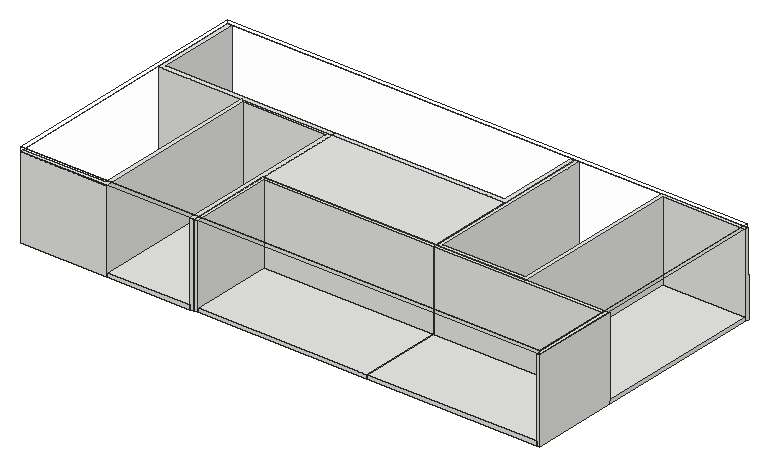
Revit family "Table-Coffee-Teknion-STLH_Masalla-R2013", category Furniture, Revit 2013
Parameters (values of type "8 Box Rectangle")
  Width = 66.92913"
  Warranty = "http://www.teknionstudio.com/pdfs/Teknion%20Studio%20Warranty.pdf"
  Unit Weight = 0.00 lbf
  URL = "www.teknionstudio.com"
  Table Top Finish [instance] = Glass - Teknion - A5 - Standard - Clear
  Surface D Finish [instance] = Paint - Teknion - True White
  Surface C Finish [instance] = Paint - Teknion - True White
  Surface B Finish [instance] = Paint - Teknion - True White
  Surface A Finish [instance] = Paint - Teknion - True White
  Series = "Studio"
  Product Line = "Masalla"
  Product Documentation Link = "http://www.teknionstudio.com/pricing/STLH_ppg.pdf"
  Part Number = "STLH"
  Model = "STLH"
  Manufacturer Phone = "919-464-2920"
  Manufacturer Fax = "919-464-2927"
  Manufacturer Email = "customersupport@teknionstudio.com"
  Manufacturer Address = "3941 US 70 Business HWY West, Clayton, NC 27520"
  Manufacturer = "Teknion Studio"
  Low Emitting Material = yes
  Low Emitting Finish = yes
  Height = 12.59843"
  Description = "Masalla Table, 8 Box Rectangle"
  Depth = 33.46457"
  Assembly Code = "E2020200"
Reference planes (in)
  plane 1 "Center F/B": y = 0
  plane 2: z = 0
  plane 3 "Center L/R": x = 0
  plane 4 "Left": x = -33.46457
  plane 5 "Right": x = 33.46457
  plane 6 "Back": y = 16.73228
  plane 7 "Front": y = -16.73228
  plane 8 "Top": z = 12.59843
  plane 9: z = 1.5748
  plane 10: z = 12.12598
Forms (in)
  Sweep 1, solid, material "Paint - Teknion - Smoke"
    path origin (0, 0, 0) x (1, 0, 0) y (0, 0, 1)
      loop
        line (0, 0) -> (0, 1.5748)
    profile origin (0, 0, 0.7874) x (-1, 0, 0) y (0, -1, 0)
      loop
        line (31.10236, -14.37008) -> (31.10236, 14.37008) -> (-31.10236, 14.37008) -> (-31.10236, -14.37008) -> (31.10236, -14.37008)
      loop
        line (-30.62992, -13.89764) -> (30.62992, -13.89764) -> (30.62992, 13.89764) -> (-30.62992, 13.89764) -> (-30.62992, -13.89764)
  Sweep 2, solid, material "Paint - Teknion - Smoke"
    path origin (0, 0, 0) x (1, 0, 0) y (0, 0, 1)
      loop
        line (0, 1.5748) -> (0, 1.10236)
    profile origin (0, 0, 1.33858) x (0, -1, 0) y (1, 0, 0)
      loop
        line (-13.89764, -30.62992) -> (13.89764, -30.62992) -> (13.89764, 30.62992) -> (-13.89764, 30.62992) -> (-13.89764, -30.62992)
  Sweep 3, solid, material "Glass - Teknion - A5 - Standard - Clear" <- "Table Top Finish"
    path origin (0, 0, 0) x (1, 0, 0) y (0, 0, 1)
      loop
        line (0, 12.59843) -> (0, 12.12598)
    profile origin (0, 0, 12.3622) x (0, -1, 0) y (1, 0, 0)
      loop
        line (-16.73228, -33.46457) -> (16.73228, -33.46457) -> (16.73228, 33.46457) -> (-16.73228, 33.46457) -> (-16.73228, -33.46457)
  Sweep 4, solid, material "Paint - Teknion - True White" <- "Surface D Finish"
    path origin (0, 0, 0) x (1, 0, 0) y (0, 0, 1)
      loop
        line (0, 1.5748) -> (0, 2.04724)
    profile origin (0, 0, 1.81102) x (-1, 0, 0) y (0, -1, 0)
      loop
        line (-11.6273, -16.73228) -> (-11.6273, 5.10499) -> (-22.30971, 5.10499) -> (-22.30971, -16.73228) -> (-11.6273, -16.73228)
      loop
        line (-22.78215, -16.25984) -> (-22.78215, 5.57743) -> (-33.46457, 5.57743) -> (-33.46457, -16.25984) -> (-22.78215, -16.25984)
  Sweep 5, solid, material "Paint - Teknion - True White" <- "Surface B Finish"
    path origin (0, 0, 0) x (1, 0, 0) y (0, 0, 1)
      loop
        line (0, 12.12598) -> (0, 1.5748)
    profile origin (0, 0, 6.85039) x (0, -1, 0) y (1, 0, 0)
      loop
        line (-5.57743, -22.78215) -> (16.25984, -22.78215) -> (16.25984, -33.46457) -> (16.73228, -33.46457) -> (16.73228, -22.30971) -> (-5.10499, -22.30971) -> (-5.10499, -11.6273) -> (16.73228, -11.6273) -> (16.73228, -11.15486) -> (-5.57743, -11.15486) -> (-5.57743, -22.78215)
  Sweep 6, solid, material "Paint - Teknion - True White" <- "Surface A Finish"
    path origin (0, 0, 0) x (1, 0, 0) y (0, 0, 1)
      loop
        line (0, 12.12598) -> (0, 1.5748)
    profile origin (0, 0, 6.85039) x (0, -1, 0) y (1, 0, 0)
      loop
        line (-5.57743, 11.15486) -> (-16.73228, 11.15486) -> (-16.73228, 10.68241) -> (-6.04987, 10.68241) -> (-6.04987, -11.15486) -> (-5.57743, -11.15486) -> (-5.57743, 11.15486)
  Sweep 7, solid, material "Paint - Teknion - True White" <- "Surface C Finish"
    path origin (0, 0, 0) x (-1, 0, 0) y (0, 0, 1)
      loop
        line (0, 1.5748) -> (0, 2.04724)
    profile origin (0, 0, 1.81102) x (-1, 0, 0) y (0, -1, 0)
      loop
        line (-32.99257, 16.73228) -> (-32.99257, 6.04987) -> (-11.15486, 6.04987) -> (-11.15486, 16.73228) -> (-32.99257, 16.73228)
  Sweep 8, solid, material "Paint - Teknion - True White" <- "Surface A Finish"
    path origin (0, 0, 0) x (-1, 0, 0) y (0, 0, 1)
      loop
        line (0, 11.65354) -> (0, 12.12598)
    profile origin (0, 0, 11.88976) x (1, 0, 0) y (0, 1, 0)
      loop
        line (11.15486, -5.57743) -> (11.15486, 5.57743) -> (-11.15486, 5.57743) -> (-11.15486, -5.57743) -> (11.15486, -5.57743)
  Sweep 9, solid, material "Paint - Teknion - True White" <- "Surface B Finish"
    path origin (0, 0, 0) x (1, 0, 0) y (0, 0, -1)
      loop
        line (0, -1.5748) -> (0, -2.04724)
    profile origin (0, 0, 1.81102) x (1, 0, 0) y (0, 1, 0)
      loop
        line (-33.46457, 5.57743) -> (-33.46457, -16.25984) -> (-22.78215, -16.25984) -> (-22.78215, 5.57743) -> (-33.46457, 5.57743)
      loop
        line (-22.30971, 5.10499) -> (-22.30971, -16.73228) -> (-11.6273, -16.73228) -> (-11.6273, 5.10499) -> (-22.30971, 5.10499)
  Sweep 10, solid, material "Paint - Teknion - True White" <- "Surface D Finish"
    path origin (22.30971, 0, 0) x (1, 0, 0) y (0, 0, 1)
      loop
        line (0, 12.12598) -> (0, 1.5748)
    profile origin (22.30971, 0, 6.85039) x (0, -1, 0) y (1, 0, 0)
      loop
        line (-16.25984, 0.47244) -> (-16.25984, 11.15486) -> (-16.73228, 11.15486) -> (-16.73228, 0) -> (5.10499, 0) -> (5.10499, -10.68241) -> (-16.73228, -10.68241) -> (-16.73228, -11.15486) -> (5.57743, -11.15486) -> (5.57743, 0.47244) -> (-16.25984, 0.47244)
  Sweep 11, solid, material "Paint - Teknion - True White" <- "Surface C Finish"
    path origin (0, -11.15486, 0) x (1, 0, 0) y (0, 0, 1)
      loop
        line (0, 1.5748) -> (0, 12.12598)
    profile origin (0, -11.15486, 6.85039) x (-1, 0, 0) y (0, -1, 0)
      loop
        line (-11.15486, -5.57743) -> (-11.15486, -5.10499) -> (-32.99257, -5.10499) -> (-32.99257, 5.57743) -> (-33.46457, 5.57743) -> (-33.46457, -5.57743) -> (-11.15486, -5.57743)
  Sweep 12, solid, material "Paint - Teknion - True White" <- "Surface C Finish"
    path origin (26.5, 0, 0) x (1, 0, 0) y (0, 0, 1)
      loop
        line (-26.5, 12.12598) -> (-26.5, 1.5748)
    profile origin (0, 0, 6.85039) x (0, -1, 0) y (1, 0, 0)
      loop
        line (6.04987, 11.15486) -> (5.57743, 11.15486) -> (5.57743, -11.15486) -> (16.73228, -11.15486) -> (16.73228, -10.68241) -> (6.04987, -10.68241) -> (6.04987, 11.15486)
  Sweep 13, solid, material "Paint - Teknion - True White" <- "Surface A Finish"
    path origin (0, 0, 0) x (1, 0, 0) y (0, 0, 1)
      loop
        line (0, 12.12598) -> (0, 1.5748)
    profile origin (0, 0, 6.85039) x (0, -1, 0) y (1, 0, 0)
      loop
        line (-5.57743, -11.15486) -> (-6.04987, -11.15486) -> (-6.04987, -32.99213) -> (-16.73228, -32.99213) -> (-16.73228, -33.46457) -> (-5.57743, -33.46457) -> (-5.57743, -11.15486)
  Sweep 14, solid, material "Paint - Teknion - True White" <- "Surface C Finish"
    path origin (0, 0, 0) x (1, 0, 0) y (0, 0, 1)
      loop
        line (0, 1.5748) -> (0, 2.04724)
    profile origin (0, 0, 1.81102) x (-1, 0, 0) y (0, -1, 0)
      loop
        line (10.68241, 6.04987) -> (10.68241, 16.73228) -> (-11.15486, 16.73228) -> (-11.15486, 6.04987) -> (10.68241, 6.04987)
  Sweep 15, solid, material "Paint - Teknion - True White" <- "Surface A Finish"
    path origin (0, 0, 0) x (1, 0, 0) y (0, 0, 1)
      loop
        line (0, 1.5748) -> (0, 2.04724)
    profile origin (0, 0, 1.81102) x (-1, 0, 0) y (0, -1, 0)
      loop
        line (-10.68241, -16.73228) -> (11.15486, -16.73228) -> (11.15486, -6.04987) -> (-10.68241, -6.04987) -> (-10.68241, -16.73228)
  Sweep 16, solid, material "Paint - Teknion - True White" <- "Surface A Finish"
    path origin (0, 0, 0) x (1, 0, 0) y (0, 0, 1)
      loop
        line (0, 2.04724) -> (0, 1.5748)
    profile origin (0, 0, 1.81102) x (0, -1, 0) y (1, 0, 0)
      loop
        line (-16.73228, -32.99213) -> (-6.04987, -32.99213) -> (-6.04987, -11.15486) -> (-16.73228, -11.15486) -> (-16.73228, -32.99213)
Lines and regions (in)
  Masking region 1
    outline origin (0, 0, 12.59843) x (-1, 0, 0) y (0, -1, 0)
      loop
        line (33.46457, -16.73228) -> (33.46457, 16.73228) -> (-33.46457, 16.73228) -> (-33.46457, -16.73228) -> (33.46457, -16.73228)
  symbolic lines, style "Hidden Lines", detail levels medium+fine
    curve 1: line (-33.46457, 5.57743, 12.59843) -> (11.15486, 5.57743, 12.59843)
    curve 2: line (-22.30971, 5.57743, 12.59843) -> (-22.30971, -16.73228, 12.59843)
    curve 3: line (-11.15486, 5.57743, 12.59843) -> (-11.15486, -16.73228, 12.59843)
    curve 4: line (-11.15486, -5.57743, 12.59843) -> (33.46457, -5.57743, 12.59843)
    curve 5: line (22.30971, 16.73228, 12.59843) -> (22.30971, -5.57743, 12.59843)
    curve 6: line (11.15486, 16.73228, 12.59843) -> (11.15486, -5.57743, 12.59843)
  symbolic lines, style "Hidden Lines", detail levels fine
    curve 7: line (-32.99213, 16.73228, 12.59843) -> (-32.99213, 5.57743, 12.59843)
    curve 8: line (10.68241, 16.73228, 12.59843) -> (10.68241, 5.57743, 12.59843)
    curve 9: line (-32.99213, 6.04987, 12.59843) -> (10.68241, 6.04987, 12.59843)
    curve 10: line (-33.46457, -16.25984, 12.59843) -> (-22.30971, -16.25984, 12.59843)
    curve 11: line (-22.78215, 5.57743, 12.59843) -> (-22.78215, -16.25984, 12.59843)
    curve 12: line (-22.30971, 5.10499, 12.59843) -> (-11.15486, 5.10499, 12.59843)
    curve 13: line (-11.6273, 5.10499, 12.59843) -> (-11.6273, -16.73228, 12.59843)
    curve 14: line (-10.68241, -5.57743, 12.59843) -> (-10.68241, -16.73228, 12.59843)
    curve 15: line (-10.68241, -6.04987, 12.59843) -> (32.99257, -6.04987, 12.59843)
    curve 16: line (32.99257, -5.57743, 12.59843) -> (32.99257, -16.73228, 12.59843)
    curve 17: line (11.15486, -5.57743, 12.59843) -> (11.15486, -6.04987, 12.59843)
    curve 18: line (22.30971, 16.25984, 12.59843) -> (33.46457, 16.25984, 12.59843)
    curve 19: line (22.78215, 16.25984, 12.59843) -> (22.78215, -5.57743, 12.59843)
    curve 20: line (22.30971, -5.10499, 12.59843) -> (11.15486, -5.10499, 12.59843)
    curve 21: line (11.6273, 16.73228, 12.59843) -> (11.6273, -5.10499, 12.59843)
Dimensions and locks (in)
  "Height": plane 8 "Top" to plane 2
  equal spacing: plane 4 "Left", plane 3 "Center L/R", plane 5 "Right"
  equal spacing: plane 6 "Back", plane 1 "Center F/B", plane 7 "Front"
  "Width": plane 4 "Left" to plane 5 "Right"
  "Depth": plane 6 "Back" to plane 7 "Front"
  Sweep 1 sketch curve to Sweep 1 sketch curve to plane 1 "Center F/B" to Sweep 1 sketch curve to Sweep 1 sketch curve = 0.47244" locked, 13.89764" locked, 13.89764" locked, 0.47244" locked
  Sweep 1 sketch curve to Sweep 1 sketch curve to plane 3 "Center L/R" to Sweep 1 sketch curve to Sweep 1 sketch curve = 0.47244", 30.62992" locked, 30.62992" locked, 0.47244" locked
  Sweep 2 sketch curve to plane 3 "Center L/R" to Sweep 2 sketch curve = 30.62992" locked, 30.62992" locked
  Sweep 2 sketch curve to plane 1 "Center F/B" to Sweep 2 sketch curve = 13.89764" locked, 13.89764" locked
  locked: plane 8 "Top" to Sweep 3 sketch curve at 0.47244
  locked: plane 8 "Top" to plane 10 at 0.47244
  locked: plane 9 to plane 2 at 1.5748
  locked: plane 9 to Sweep 2 sketch curve at 0.47244
  locked: Sweep 4 sketch curve to plane 9 at 0.47244
  locked: Sweep 4 sketch curve to plane 1 "Center F/B" at 5.10499
  locked: Sweep 7 sketch curve to plane 9 at 0.47244
  locked: Sweep 9 sketch curve to plane 9 at 0.47244
  locked: plane 4 "Left" to Sweep 5 sketch curve at 22.30971
  locked: Sweep 5 sketch curve to Sweep 5 sketch curve at 0.47244
  locked: Sweep 6 sketch curve to plane 3 "Center L/R" at 11.15486
  plane 3 "Center L/R" to Sweep 6 sketch curve to Sweep 6 sketch curve = 10.68241" locked, 0.47244" locked
  locked: plane 1 "Center F/B" to Sweep 6 sketch curve at 6.04987
  Sweep 8 sketch curve to plane 1 "Center F/B" to Sweep 8 sketch curve = 5.57743" locked, 5.57743" locked
  locked: plane 4 "Left" to Sweep 9 sketch curve at 21.83727
  locked: plane 1 "Center F/B" to Sweep 9 sketch curve at 5.10499
  locked: Sweep 7 sketch curve to plane 5 "Right" at 22.30971
  locked: Sweep 6 sketch curve to Sweep 6 sketch curve at 0.47244
  locked: Sweep 4 sketch curve to plane 5 "Right" at 10.68241
  locked: plane 6 "Back" to Sweep 4 sketch curve at 22.30971
  plane 7 "Front" to Sweep 11 sketch curve to Sweep 11 sketch curve = 10.68241" locked, 0.47244" locked
  locked: plane 7 "Front" to Sweep 7 sketch curve at 10.68241
  plane 7 "Front" to Sweep 12 sketch curve to Sweep 12 sketch curve = 10.68241" locked, 0.47244" locked
  locked: plane 1 "Center F/B" to Sweep 9 sketch curve at 5.57743
  Sweep 8 sketch curve to plane 3 "Center L/R" to Sweep 8 sketch curve = 11.15486" locked, 11.15486" locked
  locked: Sweep 14 sketch curve to plane 9 at 0.47244
  locked: plane 7 "Front" to Sweep 14 sketch curve at 10.68241
  Sweep 14 sketch curve to plane 3 "Center L/R" to Sweep 14 sketch curve = 10.68241" locked, 11.15486" locked
  locked: Sweep 11 sketch curve to plane 5 "Right" at 0.472
  locked: Sweep 11 sketch curve to plane 5 "Right" at 22.30971
  Sweep 10 sketch curve to Sweep 10 sketch curve to plane 1 "Center F/B" = 0.47244" locked, 5.10499" locked
  plane 3 "Center L/R" to Sweep 10 sketch curve to Sweep 10 sketch curve to Sweep 10 sketch curve to Sweep 10 sketch curve = 11.15486" locked, 0.47244" locked, 10.68241" locked, 0.47244" locked
  locked: plane 6 "Back" to Sweep 10 sketch curve at 0.47244
  locked: Sweep 7 sketch curve to plane 5 "Right" at 0.472
  Sweep 12 sketch curve to Sweep 12 sketch curve to plane 3 "Center L/R" = 0.47244" locked, 10.68241" locked
  locked: plane 3 "Center L/R" to Sweep 12 sketch curve at 11.15486
  locked: plane 10 to Sweep 8 sketch curve at 0.47244
  locked: plane 4 "Left" to Sweep 13 sketch curve at 0.47244
  plane 6 "Back" to Sweep 13 sketch curve to Sweep 13 sketch curve = 10.68241" locked, 0.47244" locked
  locked: plane 4 "Left" to Sweep 13 sketch curve at 22.30971
  plane 1 "Center F/B" to Sweep 5 sketch curve to Sweep 5 sketch curve = 5.10499" locked, 0.47244" locked
  locked: plane 7 "Front" to Sweep 5 sketch curve at 0.47244
  plane 4 "Left" to Sweep 5 sketch curve to Sweep 5 sketch curve = 10.68241" locked, 0.47244" locked
  locked: Sweep 4 sketch curve to Sweep 4 sketch curve at 10.68241
  locked: Sweep 4 sketch curve to Sweep 4 sketch curve at 0.47244
  locked: plane 6 "Back" to Sweep 4 sketch curve at 0.47244
  plane 4 "Left" to Sweep 9 sketch curve to Sweep 9 sketch curve = 10.68241" locked, 0.47244" locked
  locked: plane 7 "Front" to Sweep 9 sketch curve at 0.47244
  locked: Sweep 15 sketch curve to plane 9 at 0.47244
  Sweep 15 sketch curve to plane 3 "Center L/R" to Sweep 15 sketch curve = 11.15486" locked, 10.68241" locked
  locked: plane 6 "Back" to Sweep 15 sketch curve at 10.68241
  locked: Sweep 16 sketch curve to plane 9 at 0.47244
  locked: plane 4 "Left" to Sweep 16 sketch curve at 0.47244
  locked: plane 6 "Back" to Sweep 16 sketch curve at 10.68241
  locked: plane 4 "Left" to Sweep 16 sketch curve at 22.30971
  locked: plane 6 "Back" to curve 1 at 11.15486
  locked: plane 4 "Left" to curve 2 at 11.15486
  locked: plane 4 "Left" to curve 3 at 22.30971
  locked: plane 7 "Front" to curve 4 at 11.15486
  locked: plane 3 "Center L/R" to curve 6 at 11.15486
  locked: plane 4 "Left" to curve 7 at 0.47244
  locked: plane 3 "Center L/R" to curve 8 at 10.68241
  locked: plane 6 "Back" to curve 9 at 10.68241
  locked: plane 7 "Front" to curve 10 at 0.47244
  locked: plane 4 "Left" to curve 11 at 10.68241
  locked: plane 1 "Center F/B" to curve 12 at 5.10499
  locked: plane 4 "Left" to curve 13 at 21.83727
  locked: curve 14 to plane 3 "Center L/R" at 10.68241
  locked: plane 7 "Front" to curve 15 at 10.68241
  locked: curve 16 to plane 5 "Right" at 0.472
  locked: plane 3 "Center L/R" to Sweep 12 at 11.15486
  locked: plane 6 "Back" to curve 18 at 0.47244
  locked: curve 19 to plane 5 "Right" at 10.68241
  locked: plane 7 "Front" to curve 20 at 11.6273
  locked: plane 3 "Center L/R" to curve 21 at 11.6273
  aligned and locked: level to plane 2
  aligned and locked: plane 3 "Center L/R" to Sweep 1 sketch curve
  aligned and locked: plane 2 to Sweep 1 sketch curve
  aligned and locked: Sweep 2 sketch curve to plane 3 "Center L/R"
  aligned and locked: Sweep 3 sketch curve to plane 3 "Center L/R"
  aligned and locked: plane 8 "Top" to Sweep 3 sketch curve
  aligned and locked: Sweep 3 sketch curve to plane 6 "Back"
  aligned and locked: plane 4 "Left" to Sweep 3 sketch curve
  aligned and locked: Sweep 3 sketch curve to plane 7 "Front"
  aligned and locked: Sweep 3 sketch curve to plane 5 "Right"
  aligned and locked: plane 9 to Sweep 1 sketch curve
  aligned and locked: plane 9 to Sweep 2 sketch curve
  aligned and locked: plane 9 to Sweep 4 sketch curve
  aligned and locked: plane 3 "Center L/R" to Sweep 4 sketch curve
  aligned and locked: Sweep 4 sketch curve to plane 6 "Back"
  aligned and locked: plane 10 to Sweep 5 sketch curve
  aligned and locked: Sweep 5 sketch curve to plane 3 "Center L/R"
  aligned and locked: plane 9 to Sweep 5 sketch curve
  aligned and locked: plane 10 to Sweep 6 sketch curve
  aligned and locked: plane 9 to Sweep 6 sketch curve
  aligned and locked: Sweep 6 sketch curve to plane 3 "Center L/R"
  aligned and locked: plane 9 to Sweep 7 sketch curve
  aligned and locked: plane 9 to Sweep 9 sketch curve
  aligned and locked: Masking region 1 sketch curve to plane 6 "Back"
  aligned and locked: Masking region 1 sketch curve to plane 5 "Right"
  aligned and locked: Masking region 1 sketch curve to plane 7 "Front"
  aligned and locked: plane 4 "Left" to Masking region 1 sketch curve
  aligned and locked: plane 6 "Back" to Sweep 6 sketch curve
  aligned and locked: Sweep 9 sketch curve to plane 7 "Front"
  aligned and locked: Sweep 10 sketch curve to plane 5 "Right"
  aligned and locked: Sweep 4 sketch curve to plane 5 "Right"
  aligned and locked: plane 10 to Sweep 11 sketch curve
  aligned and locked: plane 9 to Sweep 11 sketch curve
  aligned and locked: Sweep 11 sketch curve to plane 5 "Right"
  aligned and locked: plane 7 "Front" to Sweep 7 sketch curve
  aligned and locked: plane 10 to Sweep 12 sketch curve
  aligned and locked: plane 9 to Sweep 12 sketch curve
  aligned and locked: Sweep 12 sketch curve to plane 3 "Center L/R"
  aligned and locked: plane 7 "Front" to Sweep 12 sketch curve
  aligned and locked: Sweep 5 sketch curve to plane 7 "Front"  (x2)
  aligned and locked: plane 10 to Sweep 13 sketch curve
  aligned and locked: plane 9 to Sweep 13 sketch curve
  aligned and locked: Sweep 13 sketch curve to plane 3 "Center L/R"
  aligned and locked: Sweep 13 sketch curve to plane 6 "Back"
  aligned and locked: plane 9 to Sweep 14 sketch curve
  aligned and locked: plane 3 "Center L/R" to Sweep 14 sketch curve
  aligned and locked: Sweep 14 sketch curve to plane 7 "Front"
  aligned and locked: Sweep 11 sketch curve to plane 7 "Front"
  aligned and locked: plane 6 "Back" to Sweep 10 sketch curve
  aligned and locked: plane 10 to Sweep 8 sketch curve
  aligned and locked: Sweep 13 sketch curve to plane 4 "Left"
  aligned and locked: plane 4 "Left" to Sweep 9 sketch curve
  aligned and locked: plane 9 to Sweep 15 sketch curve
  aligned and locked: plane 3 "Center L/R" to Sweep 15 sketch curve
  aligned and locked: plane 6 "Back" to Sweep 15 sketch curve
  aligned and locked: plane 9 to Sweep 16 sketch curve
  aligned and locked: Sweep 16 sketch curve to plane 3 "Center L/R"
  aligned and locked: Sweep 16 sketch curve to plane 6 "Back"
  aligned and locked: plane 4 "Left" to curve 1
  aligned and locked: plane 7 "Front" to curve 2
  aligned and locked: plane 7 "Front" to curve 3
  aligned and locked: plane 5 "Right" to curve 4
  aligned and locked: curve 3 to curve 4
  aligned and locked: plane 6 "Back" to curve 5
  aligned and locked: plane 6 "Back" to curve 6
  aligned and locked: plane 6 "Back" to curve 7
  aligned and locked: plane 6 "Back" to curve 8
  aligned and locked: curve 7 to curve 9
  aligned and locked: curve 8 to curve 9
  aligned and locked: plane 4 "Left" to curve 10
  aligned and locked: curve 2 to curve 10
  aligned and locked: curve 10 to curve 11
  aligned and locked: curve 1 to curve 11
  aligned and locked: curve 12 to curve 13
  aligned and locked: plane 7 "Front" to curve 13
  aligned and locked: plane 7 "Front" to curve 14
  aligned and locked: plane 7 "Front" to curve 16
  aligned and locked: curve 4 to curve 16
  aligned and locked: curve 16 to curve 15
  aligned and locked: curve 14 to curve 15
  aligned and locked: curve 15 to curve 17
  aligned and locked: plane 5 "Right" to curve 18
  aligned and locked: curve 18 to curve 19
  aligned and locked: curve 6 to curve 20
  aligned and locked: curve 5 to curve 20
  aligned and locked: curve 20 to curve 21
  aligned and locked: plane 6 "Back" to curve 21
Automatic sketch dimensions
  Sweep 7 sketch curve to plane 3 "Center L/R" = 0.000"
  Sweep 8 sketch curve to plane 3 "Center L/R" = 0.000"
  Sweep 9 sketch curve to plane 3 "Center L/R" = 0.000"
  Sweep 10 sketch curve to plane 9 = 0.000"
  Sweep 10 sketch curve to plane 10 = 0.000"
  Sweep 10 sketch curve to plane 5 "Right" = 11.15486"
  Sweep 11 sketch curve to plane 3 "Center L/R" = 0.000"
  Sweep 10 sketch curve to plane 1 "Center F/B" = 16.73228"
  Sweep 5 sketch curve to Sweep 5 sketch curve = 10.68241"
  curve 19 to curve 5 = 0.47244"
  curve 17 to curve 6 = 0.000"
